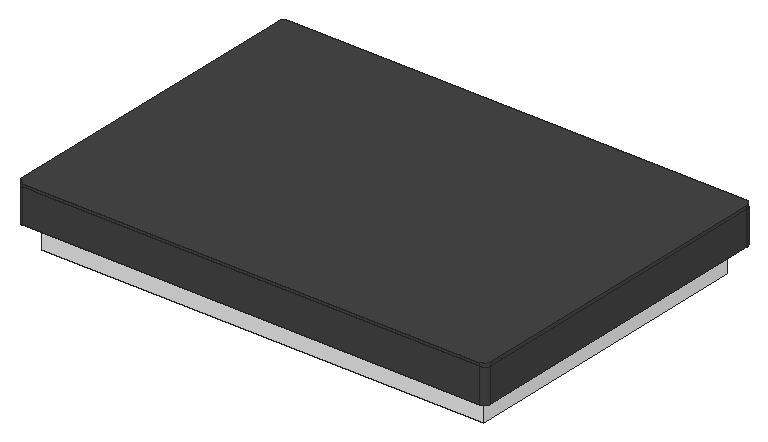
Revit family "M_Fogão-elétrico-750 mm", category Equipamento especial, Revit 2019
Family settings
  Cota do conector redondo = Utilizar diâmetro
  Tipo de parte = Normal
  Número OmniClass = 23.40.40.14
  Título OmniClass = Food Service Equipment
  Com base no plano de trabalho = Sim
  Sempre na vertical = Sim
  Corte com vazios quando carregada = Não
  Compartilhado = Não
  Ponto de cálculo do ambiente = Não
Parameters (values of type "750mm")
  Largura = 750 mm
  Acabamento do porão = Eletrodoméstico – Cromado
  Voltagem = 120 V
  Type Comments = ""
  Mostrar legenda = yes
  Consumo de energia = 1000 VA
  Legenda = "Fogão"
  Altura da superfície = 60 mm
  Espessura da carcaça = 100 mm
  Descrição = "Fogão elétrico"
  Elevação-padrão = 1200 mm
  Profundidade do balcão = 530 mm
  Código de montagem = "E1090320"
  Acabamento do eletrodoméstico = Eletrodoméstico – Preto
  Amperagem = Consumo de energia / Voltagem  # 8.33333 A
Reference planes
  plane 1 "Face do armário": y = 3.2
  plane 2: z = 0
  plane 3 "Centro (Esquerda/Direita)": x = 0
  plane 4 "Esquerda": x = -375
  plane 5 "Direita": x = 375
  plane 6 "Parte posterior": y = 268.2
  plane 7 "Traseira da porta": y = -261.8
  plane 8 "Superior": z = 60
  plane 9 "Base": z = -40
  plane 10: x = -353
  plane 11: x = 353
  plane 12: y = -239.8
  plane 13: y = 246.2
  plane 14 "Plano elétrico": x = 289.5
  plane 15: x = -229.899
  plane 16: y = -121.703
  plane 17: x = 167.096
  plane 18: x = -36.909
  plane 19: y = 116.025
  plane 20: y = 269.9
  plane 21: y = 219.9
  plane 22: y = 65.8
  plane 23: x = 45
  plane 24: x = 137
  plane 25: y = -171.8
  plane 26: y = -515.8
  plane 27: z = 54.92
Forms (mm)
  Extrusion 1, solid, material "Eletrodoméstico – Preto" <- "Acabamento do eletrodoméstico"
    sketch origin (0, 0, 0) x (1, 0, 0) y (0, 1, 0)
      loop
        arc (-365.475, 268.2) -> (-372.21, 265.41) -> (-375, 258.675) r 9.525
        line (-375, 258.675) -> (-375, -252.275)
        arc (-375, -252.275) -> (-372.21, -259.01) -> (-365.475, -261.8) r 9.525
        line (-365.475, -261.8) -> (365.475, -261.8)
        arc (365.475, -261.8) -> (372.21, -259.01) -> (375, -252.275) r 9.525
        line (375, -252.275) -> (375, 258.675)
        arc (375, 258.675) -> (372.21, 265.41) -> (365.475, 268.2) r 9.525
        line (365.475, 268.2) -> (-365.475, 268.2)
    from 54.92 to 60
  Extrusion 2, solid, material "Eletrodoméstico – Cromado" <- "Acabamento do porão"
    sketch origin (0, 0, -40) x (-1, 0, 0) y (0, -1, 0)
      loop
        line (353, -246.2) -> (353, 239.8) -> (-353, 239.8) -> (-353, -246.2) -> (353, -246.2)
    from 0 to 40
  Sweep 3, solid, material "Eletrodoméstico – Cromado" <- "Acabamento do porão", detail levels medium+fine
    path origin (289.5, 0, 0) x (0, 1, 0) y (0, 0, 1)
      loop
        line (133.033, -43.528) -> (157.975, -43.528)
        arc (157.975, -43.528) -> (159.097, -43.063) -> (159.562, -41.94) r 1.587
        line (159.562, -41.94) -> (159.562, -40)
    profile origin (289.5, 145.504, -43.528) x (0, 0, 1) y (1, 0, 0)
      loop
        circle (-12.7, 0) r 12.7
  Extrusion 4, solid, material "Eletrodoméstico – Preto" <- "Acabamento do eletrodoméstico"
    sketch origin (0, 0, 0) x (1, 0, 0) y (0, 1, 0)
      loop
        arc (-365.475, 268.2) -> (-372.21, 265.41) -> (-375, 258.675) r 9.525
        line (-375, 258.675) -> (-375, -252.275)
        arc (-375, -252.275) -> (-372.21, -259.01) -> (-365.475, -261.8) r 9.525
        line (-365.475, -261.8) -> (365.475, -261.8)
        arc (365.475, -261.8) -> (372.21, -259.01) -> (375, -252.275) r 9.525
        line (375, -252.275) -> (375, 258.675)
        arc (375, 258.675) -> (372.21, 265.41) -> (365.475, 268.2) r 9.525
        line (365.475, 268.2) -> (-365.475, 268.2)
    from 0 to 54.92
Lines and regions (mm)
  Split face 1
    outline origin (0, 154.1, 60) x (1, 0, 0) y (0, 1, 0)
      loop
        line (375, -325.9) -> (137, -325.9) -> (45, -415.9)
  Split face 2
    outline origin (0, 0, 60) x (1, 0, 0) y (0, 1, 0)
      loop
        circle (-230, 115.8) r 88.9
  Split face 3
    outline origin (0, 0, 60) x (1, 0, 0) y (0, 1, 0)
      loop
        circle (-230, 115.8) r 85.725
  Split face 4
    outline origin (0, 0, 60) x (1, 0, 0) y (0, 1, 0)
      loop
        line (-171.5, 201.125) -> (-121.5, 201.125)
        arc (-121.5, 201.125) -> (-36.175, 115.8) -> (-121.5, 30.475) r 85.325
        line (-121.5, 30.475) -> (-171.5, 30.475) -> (-171.5, 27.3) -> (-121.5, 27.3)
        arc (-121.5, 27.3) -> (-33, 115.8) -> (-121.5, 204.3) r 88.5
        line (-121.5, 204.3) -> (-171.5, 204.3) -> (-171.5, 201.125)
  Split face 5
    outline origin (0, 0, 60) x (1, 0, 0) y (0, 1, 0)
      loop
        circle (167, 65.8) r 66.675
  Split face 6
    outline origin (0, 0, 60) x (1, 0, 0) y (0, 1, 0)
      loop
        circle (167, 65.8) r 69.85
  Split face 7
    outline origin (0, 0, 60) x (1, 0, 0) y (0, 1, 0)
      loop
        circle (167, 65.8) r 103.188
  Split face 8
    outline origin (0, 0, 60) x (1, 0, 0) y (0, 1, 0)
      loop
        circle (167, 65.8) r 106.362
  Split face 9
    outline origin (0, 0, 60) x (1, 0, 0) y (0, 1, 0)
      loop
        circle (167, 65.8) r 130.175
  Split face 10
    outline origin (0, 0, 60) x (1, 0, 0) y (0, 1, 0)
      loop
        circle (167, 65.8) r 134.938
  Split face 11
    outline origin (0, 0, 60) x (1, 0, 0) y (0, 1, 0)
      loop
        circle (-230, -121.8) r 77.787
  Split face 12
    outline origin (0, 0, 60) x (1, 0, 0) y (0, 1, 0)
      loop
        circle (-230, -121.8) r 73.025
  Split face 13
    outline origin (0, 0, 60) x (1, 0, 0) y (0, 1, 0)
      loop
        circle (-37, -121.8) r 77.787
  Split face 14
    outline origin (0, 0, 60) x (1, 0, 0) y (0, 1, 0)
      loop
        circle (-37, -121.8) r 73.025
  symbolic lines, style "Eletrodomésticos"
    curve 1: line (-375, 268.2, 0) -> (375, 268.2, 0)
    curve 2: line (-375, 268.2, 0) -> (-375, -261.8, 0)
    curve 3: line (375, -261.8, 0) -> (375, 268.2, 0)
    curve 4: line (-375, -261.8, 0) -> (375, -261.8, 0)
Dimensions and locks
  equal spacing: plane 4 "Esquerda", plane 3 "Centro (Esquerda/Direita)", plane 5 "Direita"
  "Largura": plane 4 "Esquerda" to plane 5 "Direita"
  "Altura da superfície": plane 8 "Superior" to level
  "Espessura da carcaça": plane 8 "Superior" to plane 9 "Base"
  "Profundidade do balcão": plane 6 "Parte posterior" to plane 7 "Traseira da porta"
  equal spacing: plane 6 "Parte posterior", plane 1 "Face do armário", plane 7 "Traseira da porta"
  locked: plane 4 "Esquerda" to plane 10 at 22
  locked: plane 11 to plane 5 "Direita" at 22
  locked: plane 6 "Parte posterior" to plane 13 at 22
  locked: plane 12 to plane 7 "Traseira da porta" at 22
  plane 14 "Plano elétrico" to plane 11 = 63.5 mm
  locked: plane 10 to plane 15 at 123.101
  locked: plane 16 to plane 12 at 118.097
  locked: plane 15 to plane 18 at 192.99
  locked: plane 17 to plane 11 at 185.904
  locked: plane 13 to plane 19 at 130.175
  locked: plane 13 to plane 22 at 180.4
  plane 23 to plane 24 to plane 11 = 92 mm locked, 216 mm locked
  locked: plane 7 "Traseira da porta" to plane 25 at 90
  locked: plane 7 "Traseira da porta" to plane 26 at 254
  locked: plane 8 "Superior" to plane 27 at 5.08
  radius of Extrusion 4 sketch curve = 9.525 mm  (x2)
  aligned and locked: plane 2 to level
  aligned and locked: Extrusion 1 sketch curve to plane 6 "Parte posterior"
  aligned and locked: plane 4 "Esquerda" to Extrusion 1 sketch curve
  aligned and locked: plane 7 "Traseira da porta" to Extrusion 1 sketch curve
  aligned and locked: Extrusion 1 sketch curve to plane 5 "Direita"
  aligned and locked: plane 8 "Superior" to Extrusion 1
  aligned and locked: plane 3 "Centro (Esquerda/Direita)" to nested 1
  aligned and locked: Extrusion 2 sketch curve to plane 13
  aligned and locked: Extrusion 2 sketch curve to plane 10
  aligned and locked: plane 12 to Extrusion 2 sketch curve
  aligned and locked: plane 11 to Extrusion 2 sketch curve
  aligned and locked: level to Extrusion 2
  aligned and locked: Split face 1 to plane 25
  aligned and locked: plane 26 to nested 1
  aligned and locked: Extrusion 1 to plane 27
  aligned and locked: Extrusion 4 sketch curve to plane 6 "Parte posterior"
  aligned and locked: Extrusion 4 sketch curve to plane 4 "Esquerda"
  aligned and locked: Extrusion 4 sketch curve to plane 7 "Traseira da porta"
  aligned and locked: Extrusion 4 sketch curve to plane 5 "Direita"
  aligned and locked: Extrusion 4 sketch curve to Extrusion 4 sketch curve
  aligned and locked: plane 27 to Extrusion 4
Automatic sketch dimensions
  Extrusion 1 to Split face 1 sketch curve = 0 mm
  Split face 1 sketch curve to Extrusion 1 = 0 mm
  Split face 1 sketch curve to Split face 1 sketch curve = 238 mm
  Split face 1 sketch curve to Extrusion 1 = 90 mm
  Split face 1 sketch curve to Split face 1 sketch curve = 92 mm
  plane 4 "Esquerda" to Extrusion 1 sketch curve = 9.525 mm  (x2)
  Extrusion 1 sketch curve to plane 5 "Direita" = 9.525 mm  (x2)
  Split face 2 sketch curve to Split face 2 sketch curve = 0 mm  (x2)
  Split face 2 sketch curve to Extrusion 1 = 145 mm
  Split face 2 sketch curve to Extrusion 1 = 152.4 mm
  Split face 2 sketch curve to Extrusion 1 = 56.1 mm
  Split face 3 sketch curve to Split face 3 sketch curve = 0 mm  (x2)
  Split face 3 sketch curve to Extrusion 1 = 145 mm
  Split face 3 sketch curve to Extrusion 1 = 152.4 mm
  Split face 3 sketch curve to Extrusion 1 = 59.275 mm
  Split face 4 sketch curve to Split face 4 sketch curve = 0 mm  (x3)
  Split face 4 sketch curve to Extrusion 1 = 67.075 mm
  Split face 4 sketch curve to Extrusion 1 = 203.5 mm
  Split face 4 sketch curve to Split face 4 sketch curve = 50 mm
  Split face 4 sketch curve to Split face 4 sketch curve = 85.325 mm
  Split face 4 sketch curve to Split face 4 sketch curve = 3.175 mm
  Split face 5 sketch curve to Split face 5 sketch curve = 0 mm  (x2)
  Split face 5 sketch curve to Extrusion 1 = 208 mm
  Split face 5 sketch curve to Extrusion 1 = 202.4 mm
  Split face 5 sketch curve to Split face 5 sketch curve = 66.675 mm
  Split face 6 sketch curve to Split face 6 sketch curve = 0 mm  (x2)
  Split face 6 sketch curve to Extrusion 1 = 208 mm
  Split face 6 sketch curve to Extrusion 1 = 202.4 mm
  Split face 6 sketch curve to Split face 6 sketch curve = 69.85 mm
  Split face 7 sketch curve to Split face 7 sketch curve = 0 mm  (x2)
  Split face 7 sketch curve to Extrusion 1 = 208 mm
  Split face 7 sketch curve to Extrusion 1 = 202.4 mm
  Split face 7 sketch curve to Split face 7 sketch curve = 103.188 mm
  Split face 8 sketch curve to Extrusion 1 = 208 mm
  Split face 8 sketch curve to Extrusion 1 = 202.4 mm
  Split face 8 sketch curve to Split face 8 sketch curve = 106.362 mm
  Split face 9 sketch curve to Split face 9 sketch curve = 0 mm  (x2)
  Split face 9 sketch curve to Extrusion 1 = 208 mm
  Split face 9 sketch curve to Extrusion 1 = 202.4 mm
  Split face 9 sketch curve to Split face 9 sketch curve = 130.175 mm
  Split face 10 sketch curve to Split face 10 sketch curve = 0 mm  (x2)
  Split face 10 sketch curve to Extrusion 1 = 208 mm
  Split face 10 sketch curve to Extrusion 1 = 202.4 mm
  Split face 10 sketch curve to Split face 10 sketch curve = 134.938 mm
  Split face 11 sketch curve to Split face 11 sketch curve = 0 mm  (x2)
  Split face 11 sketch curve to Extrusion 1 = 145 mm
  Split face 11 sketch curve to Extrusion 1 = 140 mm
  Split face 11 sketch curve to Extrusion 1 = 67.212 mm
  Split face 12 sketch curve to Split face 12 sketch curve = 0 mm  (x2)
  Split face 12 sketch curve to Extrusion 1 = 145 mm
  Split face 12 sketch curve to Extrusion 1 = 140 mm
  Split face 12 sketch curve to Extrusion 1 = 71.975 mm
  Split face 13 sketch curve to Split face 13 sketch curve = 0 mm  (x2)
  Split face 13 sketch curve to Extrusion 1 = 140 mm
  Split face 13 sketch curve to Extrusion 1 = 338 mm
  Split face 13 sketch curve to Split face 13 sketch curve = 77.787 mm
  Split face 14 sketch curve to Split face 14 sketch curve = 0 mm  (x2)
  Split face 14 sketch curve to Extrusion 1 = 140 mm
  Split face 14 sketch curve to Extrusion 1 = 338 mm
  Split face 14 sketch curve to Split face 14 sketch curve = 73.025 mm
  Sweep 3 sketch curve to plane 9 "Base" = 1.94 mm
  Sweep 3 sketch curve to plane 13 = 88.225 mm
  Sweep 3 sketch curve to Sweep 3 sketch curve = 1.588 mm
  Sweep 3 sketch curve to Sweep 3 sketch curve = 24.941 mm
  Sweep 3 sketch curve to Sweep 3 sketch curve = 1.94 mm
  Sweep 3 sketch curve to plane 14 "Plano elétrico" = 0 mm
  profile plane to Sweep 3 sketch curve = 12.7 mm
  curve 1 to plane 4 "Esquerda" = 0 mm
  curve 2 to plane 6 "Parte posterior" = 0 mm
  curve 4 to plane 7 "Traseira da porta" = 0 mm
  curve 3 to plane 5 "Direita" = 0 mm
  Extrusion 4 sketch curve to Extrusion 4 sketch curve = 9.525 mm
  Extrusion 4 sketch curve to plane 5 "Direita" = 9.525 mm
  radius of Sweep 3 sketch curve = 12.7 mm
Nested families
  nested 1: "Anotação de legenda de 2,5" at (0, -515.8, 0), visible <- "Mostrar legenda", type "Anotação de legenda de 2,5"
Connectors
  electrical at (289.5, 133.033, -56.228), driven by "Voltagem", driven by "Consumo de energia"
    settings: on Sweep 3, index 1, voltage 120 V, apparent load 1000 VA, apparent load phase1 0 VA, apparent load phase2 0 VA, apparent load phase3 0 VA, power factor 1, load classification "Eletrodoméstico", number of poles 1, system type 30, power factor state 1, is connector primary yes, connector utility no, sub classification motor no, connector description "Potência do fogão"
Definition of nested family "Anotação de legenda de 2,5"
  Parameters
    Legenda = "Congelador 36 LH"
  Reference planes
    plane 1: y = 0
    plane 2: x = 0
  Text (mm)
    label "Legenda" at (0.095, -0.088, 0), shows "Legenda"
